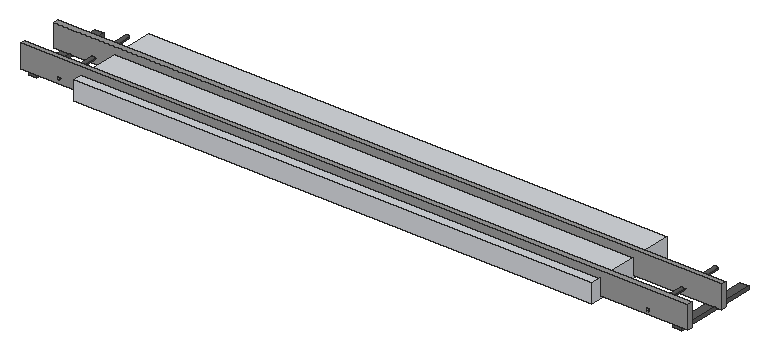
Revit family "1214-2, Veneer", category Generic Models, host Face, Revit 2020
Family settings
  Host = Face
  Can host rebar = No
  Round Connector Dimension = Use Diameter
  Part Type = Normal
  Cut with Voids When Loaded = No
  Shared = No
  Room Calculation Point = No
Parameters
  min_value [instance] = 1' - 11 1/4"  # constant formula
  max_value [instance] = 9' - 11 1/4"  # constant formula
  actual_value [instance] = if(NET LENGTH < min_value, min_value, if(NET LENGTH > max_value, max_value, NET LENGTH))  # 7' - 11 1/4"
  NET LENGTH [instance] = 7' - 11 1/4"
  IMPORTANT NOTE!!!                                                                             *Backer & dowel layout is for visualization purposes only, final layout to be determined by 9Wood. [instance] = ""
  Default Elevation = 4' - 0"
  DOWEL RADIUS [instance] = 0' - 0 1/4"  # constant formula
  BACKING M MATERIAL [instance] = BLACK-BACKERS
  .. MEMBER WIDTH [instance] = 0' - 0 3/4"  # constant formula
  .. MEMBER MATERIAL [instance] = WESTERN HEMLOCK
  .. MEMBER DEPTH [instance] = 0' - 3 1/4"  # constant formula
  .. MEMBER COUNT [instance] = 2  # constant formula
Reference planes (in)
  plane 1 "Center (Front/Back)": y = 0
  plane 2: z = 2.726
  plane 3 "Center (Left/Right)": x = 0
Forms (in)
  Extrusion 1, solid
    sketch origin (15, -0.86619, -0.99308) x (0, 1, 0) y (-1, 0, 0)
      loop
        line (3.42869, -23.66817) -> (3.42869, 50.25) -> (-10, 50.25) -> (-10, -23.66817) -> (3.42869, -23.66817)
    from 3.71908 to 1.00111
Dimensions and locks (in)
  aligned and locked: plane 2 to Extrusion 1
Nested families (in)
  nested 1: "1200 Series" at (-44, -2, 1.87867), NET LENGTH <- "actual_value", DOWEL RADII <- "DOWEL RADIUS", .. MEMBER WIDTH <- ".. MEMBER WIDTH", .. MEMBER DEPTH <- ".. MEMBER DEPTH", .. MEMBER MATERIAL <- ".. MEMBER MATERIAL", BACKING M MATERIAL <- "BACKING M MATERIAL", .. MEMBER COUNT <- ".. MEMBER COUNT", type "1200 Series"
    with X 7' - 4", WIDTH 1' - 0 1/16", Space 0' - 0 11/16", START 0' - 0 3/8", SCRIM MATERIAL SCRIM, SCRIM 3 8' - 1", SCRIM 2 0' - 0 7/8", SCRIM 1 0' - 0 3/32", SCRIM yes, NET LENGTH 7' - 11 1/4", N 8, INSET 3 0' - 0 3/16", INSET 0' - 1", INDEX 0' - 5 5/8", END BACKER yes, DOWEL RADII 0' - 0 1/4", DOWEL COUNT 8, BACKING M WIDTH 0' - 1 1/4", BACKING M MATERIAL BLACK-BACKERS, BACKING M LENGTH 0' - 11 7/8", BACKING M DEPTH 0' - 0 1/2", .. MEMBER WIDTH 0' - 0 3/4", .. MEMBER OC TYP 0' - 6", .. MEMBER MATERIAL WESTERN HEMLOCK, .. MEMBER DEPTH 0' - 3 1/4", .. MEMBER COUNT 2
Definition of nested family "1200 Series"
  Parameters (values of type "1200 Series")
    X [instance] = NET LENGTH - (0' 3 5/8" * 2)  # 6' - 2"
    WIDTH [instance] = 1' - 0 1/16"
    Space [instance] = 0' - 0 11/16"  # constant formula
    START [instance] = .. MEMBER WIDTH / 2  # 0' - 0 3/8"
    SCRIM MATERIAL [instance] = none
    SCRIM 3 [instance] = NET LENGTH + (SCRIM 2 * 2)  # 6' - 11"
    SCRIM 2 [instance] = 0' - 0 7/8"
    SCRIM 1 [instance] = 0' - 0 3/32"
    SCRIM [instance] = yes
    NET LENGTH [instance] = 6' - 9 1/4"
    N [instance] = if((X - (rounddown(X / 1' 0") * 1' 0")) > 1' 0", rounddown(X / 1' 0") + 2, rounddown(X / 1' 0") + 1)  # 7
    INSET 3 [instance] = 0' - 0 3/16"
    INSET [instance] = 0' - 1"
    INDEX [instance] = (NET LENGTH - ((N - 1) * 1' 0")) / 2  # 0' - 4 5/8"
    END BACKER [instance] = yes
    Default Elevation = 0' - 0"
    DOWEL RADII [instance] = 0' - 0 1/4"
    DOWEL COUNT [instance] = N  # 7
    BACKING M WIDTH [instance] = 0' - 1 1/4"
    BACKING M MATERIAL [instance] = none
    BACKING M LENGTH [instance] = 0' - 11 7/8"
    BACKING M DEPTH [instance] = 0' - 0 1/2"
    .. MEMBER WIDTH [instance] = 0' - 0 3/4"
    .. MEMBER OC TYP [instance] = 1' 0" / .. MEMBER COUNT  # 0' - 3"
    .. MEMBER MATERIAL [instance] = none
    .. MEMBER DEPTH [instance] = 0' - 1 3/8"
    .. MEMBER COUNT [instance] = 4
  Reference planes (in)
    plane 1 "Center (Front/Back)": y = -7.5
    plane 2: z = 0
    plane 3 "Center (Left/Right)": x = 0
    plane 4: x = 1
    plane 5: x = 4.625
    plane 6: x = 81.25
    plane 7: x = 80.25
    plane 8: x = 16.625
    plane 9: y = -7.3125
    plane 10: y = -4.125
    plane 11: y = -7.125
    plane 12: y = 4.5625
    plane 13: y = -4.5
    plane 14: y = -7.59375
    plane 15: x = 82.125
    plane 16: y = 4.65625
    plane 17: x = -0.875
    plane 18: z = -1.375
    plane 19: z = -0.6875
  Lines and regions (in)
    model lines
      curve 1: line (4.375, -7.5, -0.6875) -> (4.875, -7.5, -0.6875)
    model lines, not visible
      curve 2: line (4.625, -7.5, -0.9375) -> (4.625, -7.5, -0.4375)
      curve 3: line (4.375, -7.5, -0.6875) -> (4.875, -7.5, -0.6875)
      curve 4: line (16.625, -7.5, -0.9375) -> (16.625, -7.5, -0.4375)
      curve 5: line (16.375, -7.5, -0.6875) -> (16.875, -7.5, -0.6875)
      curve 6: line (28.625, -7.5, -0.9375) -> (28.625, -7.5, -0.4375)
      curve 7: line (28.375, -7.5, -0.6875) -> (28.875, -7.5, -0.6875)
      curve 8: line (40.625, -7.5, -0.9375) -> (40.625, -7.5, -0.4375)
      curve 9: line (40.375, -7.5, -0.6875) -> (40.875, -7.5, -0.6875)
      curve 10: line (52.625, -7.5, -0.9375) -> (52.625, -7.5, -0.4375)
      curve 11: line (52.375, -7.5, -0.6875) -> (52.875, -7.5, -0.6875)
      curve 12: line (64.625, -7.5, -0.9375) -> (64.625, -7.5, -0.4375)
      curve 13: line (64.375, -7.5, -0.6875) -> (64.875, -7.5, -0.6875)
      curve 14: line (76.625, -7.5, -0.9375) -> (76.625, -7.5, -0.4375)
      curve 15: line (76.375, -7.5, -0.6875) -> (76.875, -7.5, -0.6875)
  Dimensions and locks (in)
    "NET LENGTH": plane 3 "Center (Left/Right)" to plane 6
    "INSET": plane 7 to plane 6
    "INDEX": plane 3 "Center (Left/Right)" to plane 5
    plane 5 to plane 8 = 1' - 0"
    "INSET 3": plane 1 "Center (Front/Back)" to plane 9
    equal spacing: group 1, group 2, group 3, group 4  (x3)
    "START": plane 11 to plane 1 "Center (Front/Back)"
    ".. MEMBER OC TYP": plane 10 to plane 11
    "WIDTH": plane 12 to plane 1 "Center (Front/Back)"
    "START": plane 10 to plane 13
    "SCRIM 1": plane 14 to plane 1 "Center (Front/Back)"
    "SCRIM 2": plane 6 to plane 15
    "SCRIM 1": plane 12 to plane 16
    "SCRIM 2": plane 17 to plane 3 "Center (Left/Right)"
    "INSET": plane 3 "Center (Left/Right)" to plane 4
    equal spacing: group 5, group 6, group 7, group 8, group 9, group 10, group 11  (x3)
    "Space": plane 19 to plane 18
    aligned and locked: level to plane 2
    aligned and locked: nested 1 to plane 4  (x2)
    aligned and locked: plane 7 to nested 2
    aligned and locked: plane 5 to nested 3
    aligned and locked: nested 1 to plane 9
    aligned and locked: plane 1 "Center (Front/Back)" to nested 4
    aligned and locked: plane 9 to nested 2
    aligned and locked: plane 13 to nested 5
    aligned and locked: nested 3 to plane 9
    aligned and locked: plane 18 to nested 1
    aligned and locked: plane 19 to nested 3
    aligned and locked: curve 1 to plane 19
    aligned and locked: plane 8 to curve 4
    aligned and locked: curve 5 to plane 19
    aligned and locked: nested 4 to plane 18
  Automatic sketch dimensions
    curve 1 to curve 1 = 0' - 0 1/2"
    curve 1 to plane 5 = 0' - 0 1/4"
    plane 5 to curve 1 = 0' - 0 1/4"
    curve 3 to curve 2 = 0' - 0 1/4"  (x2)
    curve 2 to curve 3 = 0' - 0 1/4"  (x2)
    curve 5 to curve 4 = 0' - 0 1/4"  (x2)
    curve 4 to curve 5 = 0' - 0 1/4"  (x2)
    curve 7 to curve 6 = 0' - 0 1/4"  (x2)
    curve 6 to curve 7 = 0' - 0 1/4"  (x2)
    curve 9 to curve 8 = 0' - 0 1/4"  (x2)
    curve 8 to curve 9 = 0' - 0 1/4"  (x2)
    curve 11 to curve 10 = 0' - 0 1/4"  (x2)
    curve 10 to curve 11 = 0' - 0 1/4"  (x2)
    curve 13 to curve 12 = 0' - 0 1/4"  (x2)
    curve 12 to curve 13 = 0' - 0 1/4"  (x2)
    curve 15 to curve 14 = 0' - 0 1/4"  (x2)
    curve 14 to curve 15 = 0' - 0 1/4"  (x2)
  Nested families (in)
    nested 1: "INSTANCE - 2ND -  EXTEND SIDE H CENTER W - Parametric Cube" at (1, -1.375, -1.375) x (0, -1, 0) z (0, 0, 1), Width <- "BACKING M LENGTH", Length <- "BACKING M WIDTH", Material <- "BACKING M MATERIAL", Height <- "BACKING M DEPTH", visible <- "END BACKER", type "INSTANCE - 2ND -  EXTEND SIDE H CENTER W - Parametric Cube"
      with Width 0' - 11 7/8", Material none, Length 0' - 1 1/4", Height 0' - 0 1/2"
    nested 2: "INSTANCE - 2ND -  EXTEND SIDE H CENTER W - Parametric Cube" at (80.25, -1.375, -1.375) x (0, -1, 0) z (0, 0, 1), Width <- "BACKING M LENGTH", Length <- "BACKING M WIDTH", Material <- "BACKING M MATERIAL", Height <- "BACKING M DEPTH", visible <- "END BACKER", type "INSTANCE - 2ND -  EXTEND SIDE H CENTER W - Parametric Cube"
      with Width 0' - 11 7/8", Material none, Length 0' - 1 1/4", Height 0' - 0 1/2"
    nested 3: "Family3" at (-5.375, -7.3125, -0.6875), DOWEL RADII <- "DOWEL RADII", BACKING MEM MATERIAL <- "BACKING M MATERIAL", type "Family3"
      with DOWEL RADII 0' - 0 1/4", DOWEL LENGTH 0' - 11 7/8", BACKING MEM MATERIAL none
    nested 4: "HOLED MEMBER" at (0, -18.75, 6.19404), DOWEL RADII <- "DOWEL RADII", .. MEMBER LENGTH <- "NET LENGTH", DOWEL COUNT <- "DOWEL COUNT", DEPTH <- ".. MEMBER DEPTH", .. MEMBER WIDTH <- ".. MEMBER WIDTH", Material <- ".. MEMBER MATERIAL", DOWEL INDEX <- "INDEX", Space 2 <- "Space", type "HOLED MEMBER"
      with Width 0' - 6", Space 2 0' - 0 11/16", Material none, Length 1' - 0", Height 0' - 10.43096", DOWEL RADII 0' - 0 1/4", DOWEL OC DIST 1' - 0", DOWEL INDEX 0' - 4 5/8", DOWEL COUNT 7, DEPTH 0' - 1 3/8", .. MEMBER WIDTH 0' - 0 3/4", .. MEMBER LENGTH 6' - 9 1/4"
    nested 5: "HOLED MEMBER" at (0, -15.75, 6.19404), DOWEL RADII <- "DOWEL RADII", .. MEMBER LENGTH <- "NET LENGTH", DOWEL COUNT <- "DOWEL COUNT", DEPTH <- ".. MEMBER DEPTH", .. MEMBER WIDTH <- ".. MEMBER WIDTH", Material <- ".. MEMBER MATERIAL", DOWEL INDEX <- "INDEX", Space 2 <- "Space", type "HOLED MEMBER"
      with Width 0' - 6", Space 2 0' - 0 11/16", Material none, Length 1' - 0", Height 0' - 10.43096", DOWEL RADII 0' - 0 1/4", DOWEL OC DIST 1' - 0", DOWEL INDEX 0' - 4 5/8", DOWEL COUNT 7, DEPTH 0' - 1 3/8", .. MEMBER WIDTH 0' - 0 3/4", .. MEMBER LENGTH 6' - 9 1/4"
    nested 6: "HOLED MEMBER" at (0, -12.75, 6.19404), DOWEL RADII <- "DOWEL RADII", .. MEMBER LENGTH <- "NET LENGTH", DOWEL COUNT <- "DOWEL COUNT", DEPTH <- ".. MEMBER DEPTH", .. MEMBER WIDTH <- ".. MEMBER WIDTH", Material <- ".. MEMBER MATERIAL", DOWEL INDEX <- "INDEX", Space 2 <- "Space", type "HOLED MEMBER"
      with Width 0' - 6", Space 2 0' - 0 11/16", Material none, Length 1' - 0", Height 0' - 10.43096", DOWEL RADII 0' - 0 1/4", DOWEL OC DIST 1' - 0", DOWEL INDEX 0' - 4 5/8", DOWEL COUNT 7, DEPTH 0' - 1 3/8", .. MEMBER WIDTH 0' - 0 3/4", .. MEMBER LENGTH 6' - 9 1/4"
    nested 7: "HOLED MEMBER" at (0, -9.75, 6.19404), DOWEL RADII <- "DOWEL RADII", .. MEMBER LENGTH <- "NET LENGTH", DOWEL COUNT <- "DOWEL COUNT", DEPTH <- ".. MEMBER DEPTH", .. MEMBER WIDTH <- ".. MEMBER WIDTH", Material <- ".. MEMBER MATERIAL", DOWEL INDEX <- "INDEX", Space 2 <- "Space", type "HOLED MEMBER"
      with Width 0' - 6", Space 2 0' - 0 11/16", Material none, Length 1' - 0", Height 0' - 10.43096", DOWEL RADII 0' - 0 1/4", DOWEL OC DIST 1' - 0", DOWEL INDEX 0' - 4 5/8", DOWEL COUNT 7, DEPTH 0' - 1 3/8", .. MEMBER WIDTH 0' - 0 3/4", .. MEMBER LENGTH 6' - 9 1/4"
    nested 8: "Family3" at (6.625, -7.3125, -0.6875), DOWEL RADII <- "DOWEL RADII", BACKING MEM MATERIAL <- "BACKING M MATERIAL", type "Family3"
      with DOWEL RADII 0' - 0 1/4", DOWEL LENGTH 0' - 11 7/8", BACKING MEM MATERIAL none
    nested 9: "Family3" at (18.625, -7.3125, -0.6875), DOWEL RADII <- "DOWEL RADII", BACKING MEM MATERIAL <- "BACKING M MATERIAL", type "Family3"
      with DOWEL RADII 0' - 0 1/4", DOWEL LENGTH 0' - 11 7/8", BACKING MEM MATERIAL none
    nested 10: "Family3" at (30.625, -7.3125, -0.6875), DOWEL RADII <- "DOWEL RADII", BACKING MEM MATERIAL <- "BACKING M MATERIAL", type "Family3"
      with DOWEL RADII 0' - 0 1/4", DOWEL LENGTH 0' - 11 7/8", BACKING MEM MATERIAL none
    nested 11: "Family3" at (42.625, -7.3125, -0.6875), DOWEL RADII <- "DOWEL RADII", BACKING MEM MATERIAL <- "BACKING M MATERIAL", type "Family3"
      with DOWEL RADII 0' - 0 1/4", DOWEL LENGTH 0' - 11 7/8", BACKING MEM MATERIAL none
    nested 12: "Family3" at (54.625, -7.3125, -0.6875), DOWEL RADII <- "DOWEL RADII", BACKING MEM MATERIAL <- "BACKING M MATERIAL", type "Family3"
      with DOWEL RADII 0' - 0 1/4", DOWEL LENGTH 0' - 11 7/8", BACKING MEM MATERIAL none
    nested 13: "Family3" at (66.625, -7.3125, -0.6875), DOWEL RADII <- "DOWEL RADII", BACKING MEM MATERIAL <- "BACKING M MATERIAL", type "Family3"
      with DOWEL RADII 0' - 0 1/4", DOWEL LENGTH 0' - 11 7/8", BACKING MEM MATERIAL none
  Definition of nested family "INSTANCE - 2ND -  EXTEND SIDE H CENTER W - Parametric Cube"
    Parameters (values of type "INSTANCE - 2ND -  EXTEND SIDE H CENTER W - Parametric Cube")
      Width [instance] = 0' - 6"
      Material [instance] = none
      Length [instance] = 1' - 0"
      Height [instance] = 1' - 6"
      Default Elevation = 0' - 0"
    Reference planes (in)
      plane 1 "Center (Front/Back)": y = 0
      plane 2: z = 0
      plane 3 "Center (Left/Right)": x = 0
      plane 4: x = -3
      plane 5: x = 3
      plane 6: y = 12
      plane 7: z = -18
    Forms (in)
      Extrusion 1, solid, material <- "Material"
        sketch origin (0, 6, 0) x (1, 0, 0) y (0, 1, 0)
          loop
            line (-3, 6) -> (-3, -6) -> (3, -6) -> (3, 6) -> (-3, 6)
        from -18 to 0
    Dimensions and locks (in)
      equal spacing: plane 4, plane 3 "Center (Left/Right)", plane 5
      "Width": plane 4 to plane 5
      "Height": plane 7 to level
      "Length": plane 1 "Center (Front/Back)" to plane 6
      aligned and locked: plane 2 to level
      aligned and locked: plane 4 to Extrusion 1 sketch curve
      aligned and locked: Extrusion 1 sketch curve to plane 5
      aligned and locked: Extrusion 1 to plane 7
      aligned and locked: plane 6 to Extrusion 1
    Automatic sketch dimensions
      plane 1 "Center (Front/Back)" to Extrusion 1 sketch curve = 0' - 0"
      plane 6 to Extrusion 1 sketch curve = 0' - 0"
  Definition of nested family "Family3"
    Parameters (values of type "Family3")
      Default Elevation = 0' - 0"
      DOWEL RADII [instance] = 0' - 0 5/8"
      DOWEL LENGTH [instance] = 0' - 5"
      BACKING MEM MATERIAL [instance] = none
    Reference planes (in)
      plane 1 "Center (Front/Back)": y = 0
      plane 2: z = 0
      plane 3 "Center (Left/Right)": x = 0
      plane 4: y = 5
    Forms (in)
      Extrusion 1, solid, material <- "BACKING MEM MATERIAL"
        sketch origin (10, 0, 0) x (1, 0, 0) y (0, 0, 1)
          loop
            circle (0, 0) r 0.625
        from 0 to -5
      Extrusion 2, solid, not visible
        sketch origin (0, 0, 0) x (1, 0, 0) y (0, 0, 1)
          loop
            circle (0, 0) r 0.625
        from 0 to 12
      Extrusion 3, solid, not visible
        sketch origin (10, 0, 0) x (1, 0, 0) y (0, 0, 1)
          loop
            circle (0, 0) r 0.625
        from 0 to 2.5
      Extrusion 4, solid, not visible
        sketch origin (10, 0, 0) x (1, 0, 0) y (0, 0, 1)
          loop
            circle (0, 0) r 0.625
        from 0 to -12
    Lines and regions (in)
      model lines, not visible
        curve 1: line (-13, 0, 0) -> (-13, -12, 0)
        curve 2: line (13, 0, 0) -> (13, -12, 0)
        curve 3: line (9.89453, 0, 0) -> (10.08794, 0, 0)
        curve 4: line (9.89453, -2.5, 0) -> (10.08794, -2.5, 0)
        curve 6: line (10, 0, 0) -> (10, 2, 0)
      model lines
        curve 5: line (10, 0, 0) -> (10, 2, 0)
    Dimensions and locks (in)
      "DOWEL LENGTH": plane 1 "Center (Front/Back)" to plane 4
      "DOWEL RADII": radius of Extrusion 1 sketch curve
      "DOWEL RADII": radius of Extrusion 2 sketch curve
      "DOWEL RADII": radius of Extrusion 3 sketch curve
      "DOWEL RADII": radius of Extrusion 4 sketch curve
      "DOWEL RADII": radius of Extrusion 1
      aligned and locked: plane 2 to level
      aligned and locked: Extrusion 1 to plane 1 "Center (Front/Back)"  (x3)
      aligned and locked: plane 1 "Center (Front/Back)" to Extrusion 1
      aligned and locked: plane 4 to Extrusion 1
    Automatic sketch dimensions
      plane 1 "Center (Front/Back)" to curve 5 = 0' - 0"
      curve 5 to plane 1 "Center (Front/Back)" = 0' - 2"
      plane 3 "Center (Left/Right)" to curve 5 = 0' - 10"
      Extrusion 1 sketch curve to level = 0' - 0"
      plane 3 "Center (Left/Right)" to Extrusion 1 sketch curve = 0' - 10"
  Definition of nested family "HOLED MEMBER"
    Parameters (values of type "HOLED MEMBER")
      Width [instance] = 0' - 6"
      Space 2 [instance] = 0' - 0 5/8"
      Space = 0' - 0 5/8"
      Material [instance] = none
      Length [instance] = 1' - 0"
      Height [instance] = 0' - 10.43096"
      Default Elevation = 0' - 0"
      DOWEL RADII [instance] = 0' - 0.34537"
      DOWEL OC DIST [instance] = 1' - 0"
      DOWEL INSET = 0' - 0 5/8"
      DOWEL INDEX [instance] = 0' - 5 5/8"
      DOWEL COUNT [instance] = 6
      DEPTH [instance] = 0' - 2"
      .. MEMBER WIDTH [instance] = 0' - 0 5/8"
      .. MEMBER LENGTH [instance] = 5' - 11 3/4"
    Reference planes (in)
      plane 1 "Center (Front/Back)": y = 12
      plane 2: z = -7.56904
      plane 3 "Center (Left/Right)": x = 0
      plane 4: x = 5.625
      plane 5: x = 17.625
      plane 6: y = 11.375
      plane 7: x = 71.75
      plane 8: z = -6.94404
      plane 9: z = -5.56904
    Forms (in)
      Extrusion 1, solid, material <- "Material"
        sketch origin (0, 12, -13.56904) x (1, 0, 0) y (0, 0, 1)
          loop
            line (0, 6) -> (71.75, 6) -> (71.75, 8) -> (0, 8) -> (0, 6)
        from 0.625 to 0
      Extrusion 2, void
        sketch origin (0, 12, -18.31904) x (1, 0, 0) y (0, 0, 1)
          loop
            circle (5.625, 11.375) r 0.34537
        from 0 to 12
      Extrusion 3, void, not visible
        sketch origin (0, 1.25, 0) x (1, 0, 0) y (0, 1, 0)
          loop
            circle (5.625, 11.375) r 0.34537
        from 0 to 12
      Extrusion 4, void, not visible
        sketch origin (0, 1.25, 0) x (1, 0, 0) y (0, 1, 0)
          loop
            circle (5.625, 11.375) r 0.34537
        from 0 to 12
      Extrusion 5, void, not visible
        sketch origin (12, 1.25, 0) x (1, 0, 0) y (0, 1, 0)
          loop
            circle (5.625, 11.375) r 0.34537
        from 0 to 12
      Extrusion 6, void, not visible
        sketch origin (0, 12, -16.31904) x (1, 0, 0) y (0, 0, 1)
          loop
            circle (5.625, 11.375) r 0.34537
        from 0 to 12
      Extrusion 7, void, not visible
        sketch origin (12, 12, -16.31904) x (1, 0, 0) y (0, 0, 1)
          loop
            circle (5.625, 11.375) r 0.34537
        from 0 to 12
      Extrusion 8, void, not visible
        sketch origin (0, 12, -18.31904) x (1, 0, 0) y (0, 0, 1)
          loop
            circle (5.625, 11.375) r 0.34537
        from 0 to 12
      Extrusion 9, void
        sketch origin (12, 12, -18.31904) x (1, 0, 0) y (0, 0, 1)
          loop
            circle (5.625, 11.375) r 0.34537
        from 0 to 12
      Extrusion 10, void, not visible
        sketch origin (24, 12, -16.31904) x (1, 0, 0) y (0, 0, 1)
          loop
            circle (5.625, 11.375) r 0.34537
        from 0 to 12
      Extrusion 11, void, not visible
        sketch origin (36, 12, -16.31904) x (1, 0, 0) y (0, 0, 1)
          loop
            circle (5.625, 11.375) r 0.34537
        from 0 to 12
      Extrusion 12, void, not visible
        sketch origin (48, 12, -16.31904) x (1, 0, 0) y (0, 0, 1)
          loop
            circle (5.625, 11.375) r 0.34537
        from 0 to 12
      Extrusion 13, void, not visible
        sketch origin (60, 12, -16.31904) x (1, 0, 0) y (0, 0, 1)
          loop
            circle (5.625, 11.375) r 0.34537
        from 0 to 12
      Extrusion 14, void, not visible
        sketch origin (24, 1.25, 0) x (1, 0, 0) y (0, 1, 0)
          loop
            circle (5.625, 11.375) r 0.34537
        from 0 to 12
      Extrusion 15, void, not visible
        sketch origin (36, 1.25, 0) x (1, 0, 0) y (0, 1, 0)
          loop
            circle (5.625, 11.375) r 0.34537
        from 0 to 12
      Extrusion 16, void, not visible
        sketch origin (48, 1.25, 0) x (1, 0, 0) y (0, 1, 0)
          loop
            circle (5.625, 11.375) r 0.34537
        from 0 to 12
      Extrusion 17, void, not visible
        sketch origin (60, 1.25, 0) x (1, 0, 0) y (0, 1, 0)
          loop
            circle (5.625, 11.375) r 0.34537
        from 0 to 12
      Extrusion 18, void
        sketch origin (24, 12, -18.31904) x (1, 0, 0) y (0, 0, 1)
          loop
            circle (5.625, 11.375) r 0.34537
        from 0 to 12
      Extrusion 19, void
        sketch origin (36, 12, -18.31904) x (1, 0, 0) y (0, 0, 1)
          loop
            circle (5.625, 11.375) r 0.34537
        from 0 to 12
      Extrusion 20, void
        sketch origin (48, 12, -18.31904) x (1, 0, 0) y (0, 0, 1)
          loop
            circle (5.625, 11.375) r 0.34537
        from 0 to 12
      Extrusion 21, void
        sketch origin (60, 12, -18.31904) x (1, 0, 0) y (0, 0, 1)
          loop
            circle (5.625, 11.375) r 0.34537
        from 0 to 12
    Cuts and joins
      Extrusion 2, Extrusion 9, Extrusion 18, Extrusion 19, Extrusion 20, Extrusion 21 cuts Extrusion 1
    Lines and regions (in)
      model lines, not visible
        curve 1: line (5.625, 11.72037, 0) -> (5.625, 11.02963, 0)
        curve 2: line (5.625, 11.72037, 0) -> (5.625, 11.02963, 0)
        curve 3: line (17.625, 11.72037, 0) -> (17.625, 11.02963, 0)
        curve 4: line (5.625, 12, -7.56904) -> (5.625, 11.87317, -7.56904)
        curve 5: line (5.625, 11.87317, -7.56904) -> (5.06195, 11.87317, -7.56904)
        curve 6: line (5.06195, 11.87317, -7.56904) -> (5.27963, 11.375, -7.56904)
        curve 7: line (0, 12, -6.19404) -> (0, 11.61951, -6.19404)
        curve 8: line (0, 11.375, -8.19404) -> (0, 11.6747, -8.19404)
        curve 9: line (5.625, 12, -7.56904) -> (5.625, 11.69863, -7.56904)
        curve 11: line (5.625, 12, 0) -> (5.625, 12, 0.30137)
        curve 12: line (5.625, 12, 0) -> (5.625, 12, 0.30137)
        curve 13: line (17.625, 12, 0) -> (17.625, 12, 0.30137)
        curve 14: line (5.625, 12, -5.56904) -> (5.625, 11.69863, -5.56904)
        curve 15: line (17.625, 12, -5.56904) -> (17.625, 11.69863, -5.56904)
        curve 16: line (5.625, 12, -7.56904) -> (5.625, 11.69863, -7.56904)
        curve 18: line (29.625, 12, -5.56904) -> (29.625, 11.69863, -5.56904)
        curve 19: line (41.625, 12, -5.56904) -> (41.625, 11.69863, -5.56904)
        curve 20: line (53.625, 12, -5.56904) -> (53.625, 11.69863, -5.56904)
        curve 21: line (65.625, 12, -5.56904) -> (65.625, 11.69863, -5.56904)
        curve 22: line (29.625, 11.72037, 0) -> (29.625, 11.02963, 0)
        curve 23: line (29.625, 12, 0) -> (29.625, 12, 0.30137)
        curve 24: line (41.625, 11.72037, 0) -> (41.625, 11.02963, 0)
        curve 25: line (41.625, 12, 0) -> (41.625, 12, 0.30137)
        curve 26: line (53.625, 11.72037, 0) -> (53.625, 11.02963, 0)
        curve 27: line (53.625, 12, 0) -> (53.625, 12, 0.30137)
        curve 28: line (65.625, 11.72037, 0) -> (65.625, 11.02963, 0)
        curve 29: line (65.625, 12, 0) -> (65.625, 12, 0.30137)
        curve 35: line (5.27963, 12.625, 0) -> (5.97037, 12.625, 0)
        curve 36: line (5.27963, 12.625, 0) -> (5.97037, 12.625, 0)
        curve 37: line (17.27963, 12.625, 0) -> (17.97037, 12.625, 0)
        curve 38: line (5.27963, 12, -4.94404) -> (5.97037, 12, -4.94404)
        curve 39: line (17.27963, 12, -4.94404) -> (17.97037, 12, -4.94404)
        curve 40: line (5.27963, 12, -6.94404) -> (5.97037, 12, -6.94404)
        curve 42: line (29.27963, 12, -4.94404) -> (29.97037, 12, -4.94404)
        curve 43: line (41.27963, 12, -4.94404) -> (41.97037, 12, -4.94404)
        curve 44: line (53.27963, 12, -4.94404) -> (53.97037, 12, -4.94404)
        curve 45: line (65.27963, 12, -4.94404) -> (65.97037, 12, -4.94404)
        curve 46: line (29.27963, 12.625, 0) -> (29.97037, 12.625, 0)
        curve 47: line (41.27963, 12.625, 0) -> (41.97037, 12.625, 0)
        curve 48: line (53.27963, 12.625, 0) -> (53.97037, 12.625, 0)
        curve 49: line (65.27963, 12.625, 0) -> (65.97037, 12.625, 0)
        curve 54: line (0, 12, -6.94404) -> (0, 4.22059, -6.94404)
        curve 55: line (0, 12.625, 0) -> (0, 12.625, 7.77941)
        curve 56: line (0, 12.625, 0) -> (0, 12.625, 7.77941)
        curve 57: line (12, 12.625, 0) -> (12, 12.625, 7.77941)
        curve 58: line (0, 12, -4.94404) -> (0, 4.22059, -4.94404)
        curve 59: line (12, 12, -4.94404) -> (12, 4.22059, -4.94404)
        curve 60: line (0, 12, -6.94404) -> (0, 4.22059, -6.94404)
        curve 61: line (12, 12, -6.94404) -> (12, 4.22059, -6.94404)
        curve 62: line (24, 12, -4.94404) -> (24, 4.22059, -4.94404)
        curve 63: line (36, 12, -4.94404) -> (36, 4.22059, -4.94404)
        curve 64: line (48, 12, -4.94404) -> (48, 4.22059, -4.94404)
        curve 65: line (60, 12, -4.94404) -> (60, 4.22059, -4.94404)
        curve 66: line (24, 12.625, 0) -> (24, 12.625, 7.77941)
        curve 67: line (36, 12.625, 0) -> (36, 12.625, 7.77941)
        curve 68: line (48, 12.625, 0) -> (48, 12.625, 7.77941)
        curve 69: line (60, 12.625, 0) -> (60, 12.625, 7.77941)
        curve 70: line (24, 12, -6.94404) -> (24, 4.22059, -6.94404)
        curve 71: line (36, 12, -6.94404) -> (36, 4.22059, -6.94404)
        curve 72: line (48, 12, -6.94404) -> (48, 4.22059, -6.94404)
        curve 73: line (60, 12, -6.94404) -> (60, 4.22059, -6.94404)
      model lines
        curve 10: line (5.625, 12, -7.56904) -> (5.625, 11.69863, -7.56904)
        curve 17: line (17.625, 12, -7.56904) -> (17.625, 11.69863, -7.56904)
        curve 30: line (29.625, 12, -7.56904) -> (29.625, 11.69863, -7.56904)
        curve 31: line (41.625, 12, -7.56904) -> (41.625, 11.69863, -7.56904)
        curve 32: line (53.625, 12, -7.56904) -> (53.625, 11.69863, -7.56904)
        curve 33: line (65.625, 12, -7.56904) -> (65.625, 11.69863, -7.56904)
        curve 34: line (5.27963, 12, -6.94404) -> (5.97037, 12, -6.94404)
        curve 41: line (17.27963, 12, -6.94404) -> (17.97037, 12, -6.94404)
        curve 50: line (29.27963, 12, -6.94404) -> (29.97037, 12, -6.94404)
        curve 51: line (41.27963, 12, -6.94404) -> (41.97037, 12, -6.94404)
        curve 52: line (53.27963, 12, -6.94404) -> (53.97037, 12, -6.94404)
        curve 53: line (65.27963, 12, -6.94404) -> (65.97037, 12, -6.94404)
    Dimensions and locks (in)
      "DOWEL INDEX": plane 3 "Center (Left/Right)" to plane 4
      "DOWEL OC DIST": plane 4 to plane 5
      ".. MEMBER LENGTH": plane 3 "Center (Left/Right)" to plane 7
      equal spacing: group 3, group 4, group 17, group 18, group 19, group 20  (x3)
      equal spacing: group 7, group 8, group 13, group 14, group 15, group 16  (x3)
      equal spacing: group 1, group 12, group 21, group 22, group 23, group 24  (x3)
      ".. MEMBER WIDTH": plane 6 to plane 1 "Center (Front/Back)"
      "DEPTH": plane 9 to level
      "Space 2": plane 8 to level
      "DOWEL RADII": radius of Extrusion 2 sketch curve
      "DOWEL RADII": radius of Extrusion 3 sketch curve
      "DOWEL RADII": radius of Extrusion 4 sketch curve
      "DOWEL RADII": radius of Extrusion 5 sketch curve
      "DOWEL RADII": radius of Extrusion 6 sketch curve
      "DOWEL RADII": radius of Extrusion 7 sketch curve
      "DOWEL RADII": radius of Extrusion 8 sketch curve
      "DOWEL RADII": radius of Extrusion 9 sketch curve
      "DOWEL RADII": radius of Extrusion 10 sketch curve
      "DOWEL RADII": radius of Extrusion 11 sketch curve
      "DOWEL RADII": radius of Extrusion 12 sketch curve
      "DOWEL RADII": radius of Extrusion 13 sketch curve
      "DOWEL RADII": radius of Extrusion 14 sketch curve
      "DOWEL RADII": radius of Extrusion 15 sketch curve
      "DOWEL RADII": radius of Extrusion 16 sketch curve
      "DOWEL RADII": radius of Extrusion 17 sketch curve
      "DOWEL RADII": radius of Extrusion 18 sketch curve
      "DOWEL RADII": radius of Extrusion 19 sketch curve
      "DOWEL RADII": radius of Extrusion 20 sketch curve
      "DOWEL RADII": radius of Extrusion 21 sketch curve
      aligned and locked: level to plane 2
      aligned and locked: Extrusion 1 to plane 3 "Center (Left/Right)"  (x2)
      aligned and locked: plane 7 to cut or joined group of Extrusion 1, Extrusion 2, Extrusion 9, Extrusion 18, Extrusion 19, Extrusion 20, Extrusion 21  (x2)
      aligned and locked: cut or joined group of Extrusion 1, Extrusion 2, Extrusion 9, Extrusion 18, Extrusion 19, Extrusion 20, Extrusion 21 to plane 1 "Center (Front/Back)"  (x2)
      aligned and locked: cut or joined group of Extrusion 1, Extrusion 2, Extrusion 9, Extrusion 18, Extrusion 19, Extrusion 20, Extrusion 21 to plane 6  (x2)
      aligned and locked: plane 4 to curve 10
      aligned and locked: plane 5 to curve 17
      aligned and locked: plane 9 to cut or joined group of Extrusion 1, Extrusion 2, Extrusion 9, Extrusion 18, Extrusion 19, Extrusion 20, Extrusion 21  (x2)
      aligned and locked: cut or joined group of Extrusion 1, Extrusion 2, Extrusion 9, Extrusion 18, Extrusion 19, Extrusion 20, Extrusion 21 to level
      aligned and locked: plane 8 to Extrusion 2
      aligned and locked: curve 34 to plane 8
      aligned and locked: curve 41 to plane 8
      aligned and locked: level to curve 10
      aligned and locked: curve 10 to level
      aligned and locked: plane 8 to cut or joined group of Extrusion 1, Extrusion 2, Extrusion 9, Extrusion 18, Extrusion 19, Extrusion 20, Extrusion 21
      aligned and locked: curve 54 to plane 8
    Automatic sketch dimensions
      curve 1 to curve 1 = 0' - 0.69074"
      curve 2 to curve 2 = 0' - 0.69074"
      curve 3 to curve 3 = 0' - 0.69074"
      Extrusion 1 sketch curve to plane 3 "Center (Left/Right)" = 0' - 0"
      Extrusion 1 sketch curve to plane 7 = 0' - 0"
      Extrusion 1 sketch curve to Extrusion 1 sketch curve = 0' - 2"
      level to Extrusion 1 sketch curve = 0' - 0"
      curve 9 to curve 9 = 0' - 0.30137"
      curve 10 to curve 10 = 0' - 0.30137"
      curve 11 to curve 11 = 0' - 0.30137"
      curve 12 to curve 12 = 0' - 0.30137"
      curve 13 to curve 13 = 0' - 0.30137"
      curve 14 to curve 14 = 0' - 0.30137"
      curve 15 to curve 15 = 0' - 0.30137"
      curve 16 to curve 16 = 0' - 0.30137"
      curve 17 to curve 17 = 0' - 0.30137"
      curve 18 to curve 18 = 0' - 0.30137"
      curve 19 to curve 19 = 0' - 0.30137"
      curve 20 to curve 20 = 0' - 0.30137"
      curve 21 to curve 21 = 0' - 0.30137"
      curve 22 to curve 22 = 0' - 0.69074"
      curve 23 to curve 23 = 0' - 0.30137"
      curve 24 to curve 24 = 0' - 0.69074"
      curve 25 to curve 25 = 0' - 0.30137"
      curve 26 to curve 26 = 0' - 0.69074"
      curve 27 to curve 27 = 0' - 0.30137"
      curve 28 to curve 28 = 0' - 0.69074"
      curve 29 to curve 29 = 0' - 0.30137"
      curve 30 to curve 30 = 0' - 0.30137"
      curve 31 to curve 31 = 0' - 0.30137"
      curve 32 to curve 32 = 0' - 0.30137"
      curve 33 to curve 33 = 0' - 0.30137"
      curve 34 to curve 34 = 0' - 0.69074"
      curve 35 to curve 35 = 0' - 0.69074"
      curve 36 to curve 36 = 0' - 0.69074"
      curve 37 to curve 37 = 0' - 0.69074"
      curve 38 to curve 38 = 0' - 0.69074"
      curve 39 to curve 39 = 0' - 0.69074"
      curve 40 to curve 40 = 0' - 0.69074"
      curve 41 to curve 41 = 0' - 0.69074"
      curve 42 to curve 42 = 0' - 0.69074"
      curve 43 to curve 43 = 0' - 0.69074"
      curve 44 to curve 44 = 0' - 0.69074"
      curve 45 to curve 45 = 0' - 0.69074"
      curve 46 to curve 46 = 0' - 0.69074"
      curve 47 to curve 47 = 0' - 0.69074"
      curve 48 to curve 48 = 0' - 0.69074"
      curve 49 to curve 49 = 0' - 0.69074"
      curve 50 to curve 50 = 0' - 0.69074"
      curve 51 to curve 51 = 0' - 0.69074"
      curve 52 to curve 52 = 0' - 0.69074"
      curve 53 to curve 53 = 0' - 0.69074"
      curve 54 to curve 54 = 0' - 7.77941"
      curve 55 to curve 55 = 0' - 7.77941"
      curve 56 to curve 56 = 0' - 7.77941"
      curve 57 to curve 57 = 0' - 7.77941"
      curve 58 to curve 58 = 0' - 7.77941"
      curve 59 to curve 59 = 0' - 7.77941"
      curve 60 to curve 60 = 0' - 7.77941"
      curve 61 to curve 61 = 0' - 7.77941"
      curve 62 to curve 62 = 0' - 7.77941"
      curve 63 to curve 63 = 0' - 7.77941"
      curve 64 to curve 64 = 0' - 7.77941"
      curve 65 to curve 65 = 0' - 7.77941"
      curve 66 to curve 66 = 0' - 7.77941"
      curve 67 to curve 67 = 0' - 7.77941"
      curve 68 to curve 68 = 0' - 7.77941"
      curve 69 to curve 69 = 0' - 7.77941"
      curve 70 to curve 70 = 0' - 7.77941"
      curve 71 to curve 71 = 0' - 7.77941"
      curve 72 to curve 72 = 0' - 7.77941"
      curve 73 to curve 73 = 0' - 7.77941"
